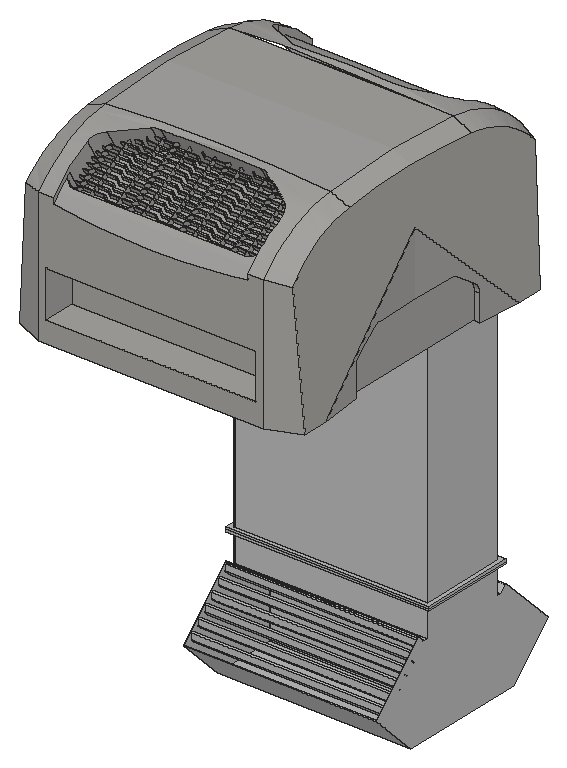
Revit family "OXeN X2-N-1.2-H podstropní_RFA2018", category Mechanical Equipment, host Face, Revit 2018
Family settings
  Host = Face
  Round Connector Dimension = Use Diameter
  Part Type = Normal
  Cut with Voids When Loaded = No
  Shared = No
  Room Calculation Point = No
Parameters (values of type "X2-N-1.2-H")
  Weight of unit = 70.20 kg
  URL = "www.hydronic.cz"
  Type Comments = "podstropní instalace; regulace vzduchového výkonu - spojitá 0-100%; filtr =EU4; IP42; vertikální neizotermický (dt=5K) dosah pro koncovou rychlost 0,2m/s =max.4,5m"
  Thickness of the ceiling [instance] = 370.00 mm
  Product data = ""
  Power supply = 230 V
  Power ratio = 0.98
  Max. current consumption = 1.9 A
  Material = FLOWAIR-EPP-Gray
  Manufacturer = "Hydroic.Systems Prague s.r.o."
  Load classification = Motor
  Keynote = ""
  Distance from the ceiling [instance] = 100.00 mm
  Description = "Bezkanálová větrací jednotka s rekuperací"
  Model = "OXeN X2-N-1.2-H"
  IP = "42"
  Default Elevation = 0.00 mm
  Author = ""
  Assembly Code = "30035; podstropní; bez dohřevu (Qmax=1200m3/h při 100% vzduchovém výkonu a dpext=0Pa) "
  Apparent power = Power supply * Max. current consumption  # 437 VA
  Air flow = 1200 m³/h
Reference planes
  plane 1 "Środek (Przód/Tył)": y = 0
  plane 2: z = 0
  plane 3 "Środek (Lewa/Prawa)": x = 0
  plane 4: z = -370
  plane 5: y = 1127.769
  plane 6: z = 100
  plane 7: z = 20
  plane 8: z = -980
Forms (mm)
  Extrusion 1, void
    sketch origin (0, 0, 0) x (0, 1, 0) y (0, 0, 1)
      loop
        line (1332.769, 0) -> (922.769, 0) -> (922.769, -370) -> (1332.769, -370) -> (1332.769, 0)
    from 422.5 to -422.5
Dimensions and locks
  "Thickness of the ceiling": level to plane 4
  "Distance from the ceiling": plane 6 to level
  locked: plane 6 to plane 7 at 80
  locked: plane 8 to plane 7 at 1000
  aligned and locked: plane 2 to host face
  aligned and locked: level to host face
  aligned and locked: Extrusion 1 sketch curve to level
  aligned and locked: plane 4 to Extrusion 1 sketch curve
  aligned and locked: plane 3 "Środek (Lewa/Prawa)" to nested 2
  aligned and locked: nested 2 to plane 5
  aligned and locked: nested 3 to plane 5
  aligned and locked: plane 3 "Środek (Lewa/Prawa)" to nested 3
  aligned and locked: plane 6 to nested 3
  aligned and locked: nested 2 to plane 7
  aligned and locked: nested 4 to plane 8
  aligned and locked: nested 4 to plane 5
  aligned and locked: plane 3 "Środek (Lewa/Prawa)" to nested 4
Automatic sketch dimensions
  host sketch curve to host sketch curve = 2438.40 mm
  host sketch curve to host sketch curve = 1900.00 mm
  Extrusion 1 sketch curve to plane 1 "Środek (Przód/Tył)" = 922.769 mm
  Extrusion 1 sketch curve to Extrusion 1 sketch curve = 410.00 mm
Nested families
  nested 1: "OXeN" at (0, 0, 100), built-in parameter 1001364 <- "Distance from the ceiling", type "OXeN"
  nested 2: "FLOWAIR OxE-H" at (0, 1127.769, -980), type "OxE-H"
  nested 3: "FLOWAIR OxC2-H" at (0, 1127.769, 20), type "OxC2-H"
  nested 4: "FLOWAIR OxS-H" at (0, 1127.769, -980), type "OxS-H"
Connectors
  electrical at (0, 684.634, 100), driven by "Power supply", driven by "Apparent power", driven by "Power ratio", driven by "Load classification"
    settings: on nested 1, index 8, voltage 230 V, apparent load 437 VA, apparent load phase1 0 VA, apparent load phase2 0 VA, apparent load phase3 0 VA, power factor 0.98, load classification "Motor", number of poles 1, system type 30, power factor state 1, is connector primary yes, connector utility no, sub classification motor no, connector description ""
  electrical at (545, 684.634, 241.254)
    settings: on nested 1, index 9, voltage 0 V, apparent load 0 VA, apparent load phase1 0 VA, apparent load phase2 0 VA, apparent load phase3 0 VA, power factor 1, load classification "Motor", number of poles 1, system type 13, power factor state 1, is connector primary no, connector utility no, sub classification motor no, connector description ""
Definition of nested family "OXeN"
  Parameters
    materiał = none
  Reference planes
    plane 1 "Środek (Przód/Tył)": y = 0
    plane 2: z = 0
    plane 3 "Środek (Lewa/Prawa)": x = 0
    plane 4: y = 684.634
    plane 5: through (0, 340, 716.901) normal (0, -0.5, 0.866)
  Forms (mm)
    Sweep 1, solid, material <- "materiał", detail levels fine
      path origin (0, 0, 0) x (0, 1, 0) y (0, 0, 1)
        loop
          line (1369.269, 0) -> (1369.269, 562.087)
          arc (1369.269, 562.087) -> (1205.496, 690.06) -> (1006.547, 750.205) r 565.368
          arc (1006.547, 750.205) -> (684.634, 767.72) -> (362.722, 750.205) r 2966.958
          arc (362.722, 750.205) -> (163.772, 690.06) -> (0, 562.087) r 565.368
          line (0, 562.087) -> (0, 0)
      profile origin (0, 1369.269, 281.043) x (0, -1, 0) y (1, 0, 0)
        loop
          line (20, -465) -> (159.403, -465) -> (159.403, 465) -> (20, 465)
          arc (20, 465) -> (0, 0) -> (20, -465) r 5415.625
    Sweep 2, solid, material <- "materiał", detail levels fine
      path origin (0, 0, 0) x (0, 1, 0) y (0, 0, 1)
        loop
          line (1369.269, 0) -> (1369.269, 514.96)
          arc (1369.269, 514.96) -> (1207.249, 655.027) -> (1003.292, 720.382) r 535.368
          arc (1003.292, 720.382) -> (684.634, 737.72) -> (365.977, 720.382) r 2936.958
          arc (365.977, 720.382) -> (162.02, 655.027) -> (0, 514.96) r 535.368
          line (0, 514.96) -> (0, 0)
      profile origin (0, 1369.269, 257.48) x (0, -1, 0) y (1, 0, 0)
        loop
          line (20, -465) -> (159.403, -465) -> (159.403, 465) -> (20, 465)
          arc (20, 465) -> (0, 0) -> (20, -465) r 5415.625
    Extrusion 3, void
      sketch origin (0, 0, 0) x (1, 0, 0) y (0, 1, 0)
        loop
          arc (207.827, 1029.269) -> (224.356, 1031.476) -> (239.726, 1037.942) r 63
          line (239.726, 1037.942) -> (367.198, 1112.79)
          arc (367.198, 1112.79) -> (392.866, 1138.741) -> (402.248, 1174.016) r 71
          line (402.248, 1174.016) -> (402.248, 1377.626) -> (-402.248, 1377.626) -> (-402.248, 1174.016)
          arc (-402.248, 1174.016) -> (-392.866, 1138.741) -> (-367.198, 1112.79) r 71
          line (-367.198, 1112.79) -> (-239.726, 1037.942)
          arc (-239.726, 1037.942) -> (-224.356, 1031.476) -> (-207.827, 1029.269) r 63
          line (-207.827, 1029.269) -> (207.827, 1029.269)
      from 490.327 to 774.857
    Extrusion 4, solid, material <- "materiał", detail levels fine
      sketch origin (0, 0, 0) x (0, 1, 0) y (0, 0, 1)
        loop
          arc (1209.866, 455.203) -> (1106.984, 527.552) -> (985.997, 561.92) r 375.966
          arc (985.997, 561.92) -> (684.634, 578.317) -> (383.272, 561.92) r 2777.556
          arc (383.272, 561.92) -> (262.285, 527.552) -> (159.403, 455.203) r 375.966
          line (159.403, 455.203) -> (159.403, 0) -> (1209.866, 0) -> (1209.866, 455.203)
      from -465 to 465
    Blend 5, solid, material <- "materiał", detail levels fine
      base sketch origin (0, 0, 0) x (0, 1, 0) y (0, 0, 1)
        loop
          arc (1004.377, 730.323) -> (684.634, 747.72) -> (364.892, 730.323) r 2946.958
          arc (364.892, 730.323) -> (176.315, 674.021) -> (20, 554.451) r 545.368
          line (20, 554.451) -> (20, 0) -> (1349.269, 0) -> (1349.269, 554.451)
          arc (1349.269, 554.451) -> (1192.954, 674.021) -> (1004.377, 730.323) r 545.368
      top sketch origin (0, 0, 0) x (0, 1, 0) y (0, 0, 1)
        loop
          line (1294.269, 0) -> (1294.269, 532.58)
          arc (1294.269, 532.58) -> (1158.681, 629.636) -> (998.409, 675.647) r 490.368
          arc (998.409, 675.647) -> (684.634, 692.72) -> (370.86, 675.647) r 2891.958
          arc (370.86, 675.647) -> (210.588, 629.636) -> (75, 532.58) r 490.368
          line (75, 532.58) -> (75, 0) -> (1294.269, 0)
      from 465 to 589
    Blend 6, solid, material <- "materiał", detail levels fine
      base sketch origin (0, 0, 0) x (0, 1, 0) y (0, 0, -1)
        loop
          arc (1004.377, -730.323) -> (1192.954, -674.021) -> (1349.269, -554.451) r 545.368
          line (1349.269, -554.451) -> (1349.269, 0) -> (20, 0) -> (20, -554.451)
          arc (20, -554.451) -> (176.315, -674.021) -> (364.892, -730.323) r 545.368
          arc (364.892, -730.323) -> (684.634, -747.72) -> (1004.377, -730.323) r 2946.958
      top sketch origin (0, 0, 0) x (0, 1, 0) y (0, 0, -1)
        loop
          line (1294.269, 0) -> (75, 0) -> (75, -532.58)
          arc (75, -532.58) -> (210.588, -629.636) -> (370.86, -675.647) r 490.368
          arc (370.86, -675.647) -> (684.634, -692.72) -> (998.409, -675.647) r 2891.958
          arc (998.409, -675.647) -> (1158.681, -629.636) -> (1294.269, -532.58) r 490.368
          line (1294.269, -532.58) -> (1294.269, 0)
      from 465 to 589
    Blend 7, solid, material <- "materiał", detail levels medium
      base sketch origin (0, 0, 0) x (0, 1, 0) y (0, 0, -1)
        loop
          arc (1004.377, -730.323) -> (1192.954, -674.021) -> (1349.269, -554.451) r 545.368
          line (1349.269, -554.451) -> (1349.269, 0) -> (20, 0) -> (20, -554.451)
          arc (20, -554.451) -> (176.315, -674.021) -> (364.892, -730.323) r 545.368
          arc (364.892, -730.323) -> (684.634, -747.72) -> (1004.377, -730.323) r 2946.958
      top sketch origin (0, 0, 0) x (0, 1, 0) y (0, 0, -1)
        loop
          line (1294.269, 0) -> (75, 0) -> (75, -532.58)
          arc (75, -532.58) -> (210.588, -629.636) -> (370.86, -675.647) r 490.368
          arc (370.86, -675.647) -> (684.634, -692.72) -> (998.409, -675.647) r 2891.958
          arc (998.409, -675.647) -> (1158.681, -629.636) -> (1294.269, -532.58) r 490.368
          line (1294.269, -532.58) -> (1294.269, 0)
      from 465 to 589
    Blend 8, solid, material <- "materiał", detail levels medium
      base sketch origin (0, 0, 0) x (0, 1, 0) y (0, 0, 1)
        loop
          arc (1004.377, 730.323) -> (684.634, 747.72) -> (364.892, 730.323) r 2946.958
          arc (364.892, 730.323) -> (176.315, 674.021) -> (20, 554.451) r 545.368
          line (20, 554.451) -> (20, 0) -> (1349.269, 0) -> (1349.269, 554.451)
          arc (1349.269, 554.451) -> (1192.954, 674.021) -> (1004.377, 730.323) r 545.368
      top sketch origin (0, 0, 0) x (0, 1, 0) y (0, 0, 1)
        loop
          line (1294.269, 0) -> (1294.269, 532.58)
          arc (1294.269, 532.58) -> (1158.681, 629.636) -> (998.409, 675.647) r 490.368
          arc (998.409, 675.647) -> (684.634, 692.72) -> (370.86, 675.647) r 2891.958
          arc (370.86, 675.647) -> (210.588, 629.636) -> (75, 532.58) r 490.368
          line (75, 532.58) -> (75, 0) -> (1294.269, 0)
      from 465 to 589
    Extrusion 9, void
      sketch origin (0, 0, 0) x (1, 0, 0) y (0, 0, 1)
        loop
          line (-589, 0) -> (-536.635, 775) -> (-589, 775) -> (-589, 0)
      from 0 to -1374.955
    Extrusion 10, void
      sketch origin (0, 0, 0) x (-1, 0, 0) y (0, 0, -1)
        loop
          line (-589, 0) -> (-589, -775) -> (-536.635, -775) -> (-589, 0)
      from 0 to -1374.955
    Extrusion 11, void
      sketch origin (0, 0, 0) x (1, 0, 0) y (0, 1, 0)
        loop
          arc (-589, 183.209) -> (-556, 684.634) -> (-589, 1186.059) r 3826
          line (-589, 1186.059) -> (-589, 183.209)
      from 0 to 801.676
    Extrusion 12, void
      sketch origin (0, 0, 0) x (-1, 0, 0) y (0, -1, 0)
        loop
          line (-589, -183.209) -> (-589, -1186.059)
          arc (-589, -1186.059) -> (-556, -684.634) -> (-589, -183.209) r 3826
      from 0 to 801.676
    Extrusion 13, void
      sketch origin (0, 0, 0) x (0, 1, 0) y (0, 0, 1)
        loop
          line (362.983, 0) -> (1006.285, 0) -> (1006.285, 108.958)
          arc (1006.285, 108.958) -> (999.442, 136.785) -> (980.474, 158.264) r 60
          line (980.474, 158.264) -> (899.838, 214.177)
          arc (899.838, 214.177) -> (883.561, 222.135) -> (865.65, 224.871) r 60
          line (865.65, 224.871) -> (503.619, 224.871)
          arc (503.619, 224.871) -> (485.708, 222.135) -> (469.43, 214.177) r 60
          line (469.43, 214.177) -> (388.795, 158.264)
          arc (388.795, 158.264) -> (369.826, 136.785) -> (362.983, 108.958) r 60
          line (362.983, 108.958) -> (362.983, 0)
      from -589 to -545
    Extrusion 14, void
      sketch origin (0, 0, 0) x (0, 1, 0) y (0, 0, -1)
        loop
          line (362.983, 0) -> (362.983, -108.958)
          arc (362.983, -108.958) -> (369.826, -136.785) -> (388.795, -158.264) r 60
          line (388.795, -158.264) -> (469.43, -214.177)
          arc (469.43, -214.177) -> (485.708, -222.135) -> (503.619, -224.871) r 60
          line (503.619, -224.871) -> (865.65, -224.871)
          arc (865.65, -224.871) -> (883.561, -222.135) -> (899.838, -214.177) r 60
          line (899.838, -214.177) -> (980.474, -158.264)
          arc (980.474, -158.264) -> (999.442, -136.785) -> (1006.285, -108.958) r 60
          line (1006.285, -108.958) -> (1006.285, 0) -> (362.983, 0)
      from -589 to -545
    Sweep 15, solid, material <- "materiał", detail levels medium
      path origin (0, 0, 0) x (0, 1, 0) y (0, 0, 1)
        loop
          line (1369.269, 0) -> (1369.269, 562.087)
          arc (1369.269, 562.087) -> (1205.496, 690.06) -> (1006.547, 750.205) r 565.368
          arc (1006.547, 750.205) -> (684.634, 767.72) -> (362.722, 750.205) r 2966.958
          arc (362.722, 750.205) -> (163.772, 690.06) -> (0, 562.087) r 565.368
          line (0, 562.087) -> (0, 0)
      profile origin (0, 1369.269, 281.043) x (0, -1, 0) y (1, 0, 0)
        loop
          line (20, -465) -> (264.634, -465) -> (264.634, 465) -> (20, 465)
          arc (20, 465) -> (0, 0) -> (20, -465) r 5415.625
    Extrusion 16, solid, material <- "materiał", detail levels medium
      sketch origin (0, 0, 0) x (0, 1, 0) y (0, 0, 1)
        loop
          arc (1104.634, 443.17) -> (1043.718, 472.315) -> (977.834, 487.132) r 300.734
          arc (977.834, 487.132) -> (684.634, 503.085) -> (391.435, 487.132) r 2702.324
          arc (391.435, 487.132) -> (325.551, 472.315) -> (264.634, 443.17) r 300.734
          line (264.634, 443.17) -> (264.634, 0) -> (1104.634, 0) -> (1104.634, 443.17)
      from -465 to 465
    Extrusion 17, solid, material <- "materiał", detail levels coarse
      sketch origin (0, 0, 0) x (0, 1, 0) y (0, 0, 1)
        loop
          line (1369.269, 0) -> (1369.269, 562.087)
          arc (1369.269, 562.087) -> (1205.496, 690.06) -> (1006.547, 750.205) r 565.368
          arc (1006.547, 750.205) -> (684.634, 767.72) -> (362.722, 750.205) r 2966.958
          arc (362.722, 750.205) -> (163.772, 690.06) -> (0, 562.087) r 565.368
          line (0, 562.087) -> (0, 0) -> (1369.269, 0)
      from -589 to 589
    Extrusion 18, void
      sketch origin (0, 0, 0) x (0, 1, 0) y (0, 0, 1)
        loop
          line (-35, 92) -> (150, 92) -> (150, 282) -> (-35, 282) -> (-35, 92)
      from -435 to 435
    Extrusion 19, solid, not visible
      sketch origin (0, 0, 0) x (1, 0, 0) y (0, 1, 0)
        loop
          circle (480, 189) r 8
      from 278 to 376
    Extrusion 20, solid, not visible
      sketch origin (0, 0, 0) x (1, 0, 0) y (0, 1, 0)
        loop
          circle (495, 239) r 8
      from 253 to 376
    Extrusion 21, void
      sketch origin (0, 340, 716.901) x (0, 0.866025, 0.5) y (-1, 0, 0)
        loop
          arc (0, 207.827) -> (-2.207, 224.356) -> (-8.673, 239.726) r 63
          line (-8.673, 239.726) -> (-83.521, 367.198)
          arc (-83.521, 367.198) -> (-109.472, 392.866) -> (-144.747, 402.248) r 71
          line (-144.747, 402.248) -> (-261.299, 402.248)
          arc (-261.299, 402.248) -> (-276.188, 399.025) -> (-288.411, 389.933) r 36
          line (-288.411, 389.933) -> (-300.148, 376.497)
          arc (-300.148, 376.497) -> (-305.31, 368.081) -> (-307.168, 358.385) r 27.506
          line (-307.168, 358.385) -> (-307.168, -358.385)
          arc (-307.168, -358.385) -> (-305.31, -368.081) -> (-300.148, -376.497) r 27.506
          line (-300.148, -376.497) -> (-288.411, -389.933)
          arc (-288.411, -389.933) -> (-276.188, -399.025) -> (-261.299, -402.248) r 36
          line (-261.299, -402.248) -> (-144.747, -402.248)
          arc (-144.747, -402.248) -> (-109.472, -392.866) -> (-83.521, -367.198) r 71
          line (-83.521, -367.198) -> (-8.673, -239.726)
          arc (-8.673, -239.726) -> (-2.207, -224.356) -> (0, -207.827) r 63
          line (0, -207.827) -> (0, 207.827)
      from -100 to 100
    Extrusion 22, solid, material <- "materiał", detail levels fine
      sketch origin (0, 340, 716.901) x (0, 0.866025, 0.5) y (-1, 0, 0)
        loop
          line (-236.262, -383.565) -> (-236.262, -402.248) -> (-233.262, -402.248) -> (-233.262, -384.96) -> (-218.262, -369.97) -> (-218.262, -324.043) -> (-196.262, -324.043) -> (-196.262, -368.757) -> (-211.262, -383.565) -> (-211.262, -402.248) -> (-208.262, -402.248) -> (-208.262, -384.96) -> (-193.262, -369.97) -> (-193.262, -324.043) -> (-171.262, -324.043) -> (-171.262, -368.757) -> (-186.262, -383.565) -> (-186.262, -402.248) -> (-183.262, -402.248) -> (-183.262, -384.96) -> (-168.262, -369.97) -> (-168.262, -324.043) -> (-146.262, -324.043) -> (-146.262, -368.757) -> (-161.262, -383.565) -> (-161.262, -402.248) -> (-158.262, -402.248) -> (-158.262, -384.96) -> (-143.262, -369.97) -> (-143.262, -324.043) -> (-121.262, -324.043) -> (-121.262, -368.757) -> (-136.262, -383.565) -> (-136.262, -401.74)
          arc (-136.262, -401.74) -> (-134.76, -401.542) -> (-133.262, -401.313) r 71
          line (-133.262, -401.313) -> (-133.262, -384.96) -> (-118.262, -369.97) -> (-118.262, -324.043) -> (-96.262, -324.043) -> (-96.262, -368.757) -> (-111.262, -383.565) -> (-111.262, -393.856)
          arc (-111.262, -393.856) -> (-109.752, -393.025) -> (-108.262, -392.157) r 71
          line (-108.262, -392.157) -> (-108.262, -384.96) -> (-93.262, -369.97) -> (-93.262, -324.043) -> (-71.262, -324.043) -> (-71.262, -346.32) -> (-68.262, -341.211) -> (-68.262, -324.043) -> (-58.182, -324.043) -> (-57.007, -322.043) -> (-68.262, -322.043) -> (-68.262, -276.117) -> (-83.262, -261.127) -> (-83.262, -217.918) -> (-61.262, -217.918) -> (-61.262, -262.522) -> (-46.262, -277.33) -> (-46.262, -303.743) -> (-43.262, -298.634) -> (-43.262, -276.117) -> (-58.262, -261.127) -> (-58.262, -217.918) -> (-36.262, -217.918) -> (-36.262, -262.522) -> (-27.27, -271.398) -> (-25.685, -268.699) -> (-33.262, -261.127) -> (-33.262, -217.918) -> (-11.262, -217.918) -> (-11.262, -244.135) -> (-8.262, -239.026) -> (-8.262, -217.918) -> (-0.814, -217.918)
          arc (-0.814, -217.918) -> (-0.561, -216.209) -> (-0.354, -214.493) r 63
          line (-0.354, -214.493) -> (-8.262, -214.493) -> (-8.262, -171.284) -> (0, -163.028) -> (0, -158.771) -> (-11.262, -169.889) -> (-11.262, -214.493) -> (-33.262, -214.493) -> (-33.262, -171.284) -> (-18.262, -156.294) -> (-18.262, -110.368) -> (0, -110.368) -> (0, -108.368) -> (-18.262, -108.368) -> (-18.262, -62.441) -> (-33.262, -47.451) -> (-33.262, -1.625) -> (-11.262, -1.625) -> (-11.262, -48.846) -> (0, -59.964) -> (0, -55.708) -> (-8.262, -47.451) -> (-8.262, -1.625) -> (0, -1.625) -> (0, 1.625) -> (-8.262, 1.625) -> (-8.262, 42.216) -> (0, 50.473) -> (0, 54.729) -> (-11.262, 43.612) -> (-11.262, 1.625) -> (-33.262, 1.625) -> (-33.262, 42.216) -> (-18.262, 57.206) -> (-18.262, 103.133) -> (0, 103.133) -> (0, 105.133) -> (-18.262, 105.133) -> (-18.262, 151.06) -> (-33.262, 166.05) -> (-33.262, 209.258) -> (-11.262, 209.258) -> (-11.262, 164.654) -> (0, 153.537) -> (0, 157.793) -> (-8.262, 166.05) -> (-8.262, 209.258) -> (-0.017, 209.258)
          arc (-0.017, 209.258) -> (-0.075, 210.884) -> (-0.175, 212.509) r 63
          line (-0.175, 212.509) -> (-8.262, 212.509) -> (-8.262, 239.026) -> (-11.262, 244.135) -> (-11.262, 212.509) -> (-33.262, 212.509) -> (-33.262, 255.717) -> (-23.683, 265.29) -> (-25.26, 267.974) -> (-36.262, 257.112) -> (-36.262, 212.509) -> (-58.262, 212.509) -> (-58.262, 255.717) -> (-43.262, 270.707) -> (-43.262, 298.634) -> (-46.262, 303.743) -> (-46.262, 271.92) -> (-61.262, 257.112) -> (-61.262, 212.509) -> (-83.262, 212.509) -> (-83.262, 255.717) -> (-68.262, 270.707) -> (-68.262, 316.634) -> (-53.831, 316.634) -> (-55.005, 318.634) -> (-68.262, 318.634) -> (-68.262, 341.211) -> (-71.262, 346.32) -> (-71.262, 318.634) -> (-93.262, 318.634) -> (-93.262, 364.56) -> (-108.262, 379.55) -> (-108.262, 392.157)
          arc (-108.262, 392.157) -> (-109.752, 393.025) -> (-111.262, 393.856) r 71
          line (-111.262, 393.856) -> (-111.262, 378.155) -> (-96.262, 363.348) -> (-96.262, 318.634) -> (-118.262, 318.634) -> (-118.262, 364.56) -> (-133.262, 379.55) -> (-133.262, 401.313)
          arc (-133.262, 401.313) -> (-134.76, 401.542) -> (-136.262, 401.74) r 71
          line (-136.262, 401.74) -> (-136.262, 378.155) -> (-121.262, 363.348) -> (-121.262, 318.634) -> (-143.262, 318.634) -> (-143.262, 364.56) -> (-158.262, 379.55) -> (-158.262, 402.248) -> (-161.262, 402.248) -> (-161.262, 378.155) -> (-146.262, 363.348) -> (-146.262, 318.634) -> (-168.262, 318.634) -> (-168.262, 364.56) -> (-183.262, 379.55) -> (-183.262, 402.248) -> (-186.262, 402.248) -> (-186.262, 378.155) -> (-171.262, 363.348) -> (-171.262, 318.634) -> (-193.262, 318.634) -> (-193.262, 364.56) -> (-208.262, 379.55) -> (-208.262, 402.248) -> (-211.262, 402.248) -> (-211.262, 378.155) -> (-196.262, 363.348) -> (-196.262, 318.634) -> (-218.262, 318.634) -> (-218.262, 364.56) -> (-233.262, 379.55) -> (-233.262, 402.248) -> (-236.262, 402.248) -> (-236.262, 378.155) -> (-221.262, 363.348) -> (-221.262, 318.634) -> (-243.262, 318.634) -> (-243.262, 364.56) -> (-258.262, 379.55) -> (-258.262, 402.248) -> (-261.262, 402.248) -> (-261.262, 378.155) -> (-246.262, 363.348) -> (-246.262, 318.634) -> (-268.262, 318.634) -> (-268.262, 364.56) -> (-283.262, 379.55) -> (-283.262, 394.772)
          arc (-283.262, 394.772) -> (-284.798, 393.521) -> (-286.262, 392.187) r 36
          line (-286.262, 392.187) -> (-286.262, 378.155) -> (-271.262, 363.348) -> (-271.262, 318.634) -> (-293.262, 318.634) -> (-293.262, 364.56) -> (-302.371, 373.663)
          arc (-302.371, 373.663) -> (-303.219, 372.343) -> (-303.99, 370.977) r 27.506
          line (-303.99, 370.977) -> (-296.262, 363.348) -> (-296.262, 318.634) -> (-307.168, 318.634) -> (-307.168, 316.634) -> (-296.262, 316.634) -> (-296.262, 271.92) -> (-307.168, 261.154) -> (-307.168, 256.811) -> (-293.262, 270.707) -> (-293.262, 316.634) -> (-271.262, 316.634) -> (-271.262, 271.92) -> (-286.262, 257.112) -> (-286.262, 212.509) -> (-307.168, 212.509) -> (-307.168, 209.258) -> (-286.262, 209.258) -> (-286.262, 164.654) -> (-271.262, 149.847) -> (-271.262, 105.133) -> (-293.262, 105.133) -> (-293.262, 151.06) -> (-307.168, 164.956) -> (-307.168, 160.613) -> (-296.262, 149.847) -> (-296.262, 105.133) -> (-307.168, 105.133) -> (-307.168, 103.133) -> (-296.262, 103.133) -> (-296.262, 58.419) -> (-307.168, 47.653) -> (-307.168, 43.31) -> (-293.262, 57.206) -> (-293.262, 103.133) -> (-271.262, 103.133) -> (-271.262, 58.419) -> (-286.262, 43.612) -> (-286.262, 1.625) -> (-307.168, 1.625) -> (-307.168, -1.625) -> (-286.262, -1.625) -> (-286.262, -48.846) -> (-271.262, -63.654) -> (-271.262, -108.368) -> (-293.262, -108.368) -> (-293.262, -62.441) -> (-307.168, -48.545) -> (-307.168, -52.888) -> (-296.262, -63.654) -> (-296.262, -108.368) -> (-307.168, -108.368) -> (-307.168, -110.368) -> (-296.262, -110.368) -> (-296.262, -155.082) -> (-307.168, -165.847) -> (-307.168, -170.191) -> (-293.262, -156.294) -> (-293.262, -110.368) -> (-271.262, -110.368) -> (-271.262, -155.082) -> (-286.262, -169.889) -> (-286.262, -214.493) -> (-307.168, -214.493) -> (-307.168, -217.918) -> (-286.262, -217.918) -> (-286.262, -262.522) -> (-271.262, -277.33) -> (-271.262, -322.043) -> (-293.262, -322.043) -> (-293.262, -276.117) -> (-307.168, -262.22) -> (-307.168, -266.564) -> (-296.262, -277.33) -> (-296.262, -322.043) -> (-307.168, -322.043) -> (-307.168, -324.043) -> (-296.262, -324.043) -> (-296.262, -368.757) -> (-301.903, -374.326)
          arc (-301.903, -374.326) -> (-300.974, -375.531) -> (-299.98, -376.683) r 27.506
          line (-299.98, -376.683) -> (-293.262, -369.97) -> (-293.262, -324.043) -> (-271.262, -324.043) -> (-271.262, -368.757) -> (-286.262, -383.565) -> (-286.262, -392.187)
          arc (-286.262, -392.187) -> (-284.798, -393.521) -> (-283.262, -394.772) r 36
          line (-283.262, -394.772) -> (-283.262, -384.96) -> (-268.262, -369.97) -> (-268.262, -324.043) -> (-246.262, -324.043) -> (-246.262, -368.757) -> (-261.262, -383.565) -> (-261.262, -402.248) -> (-258.262, -402.248) -> (-258.262, -384.96) -> (-243.262, -369.97) -> (-243.262, -324.043) -> (-221.262, -324.043) -> (-221.262, -368.757) -> (-236.262, -383.565)
        loop
          line (-221.262, -322.043) -> (-221.262, -277.33) -> (-236.262, -262.522) -> (-236.262, -217.918) -> (-258.262, -217.918) -> (-258.262, -261.127) -> (-243.262, -276.117) -> (-243.262, -322.043) -> (-221.262, -322.043)
        loop
          line (-233.262, -217.918) -> (-233.262, -261.127) -> (-218.262, -276.117) -> (-218.262, -322.043) -> (-196.262, -322.043) -> (-196.262, -277.33) -> (-211.262, -262.522) -> (-211.262, -217.918) -> (-233.262, -217.918)
        loop
          line (-236.262, -169.889) -> (-221.262, -155.082) -> (-221.262, -110.368) -> (-243.262, -110.368) -> (-243.262, -156.294) -> (-258.262, -171.284) -> (-258.262, -214.493) -> (-236.262, -214.493) -> (-236.262, -169.889)
        loop
          line (-218.262, -110.368) -> (-218.262, -156.294) -> (-233.262, -171.284) -> (-233.262, -214.493) -> (-211.262, -214.493) -> (-211.262, -169.889) -> (-196.262, -155.082) -> (-196.262, -110.368) -> (-218.262, -110.368)
        loop
          line (-221.262, -108.368) -> (-221.262, -63.654) -> (-236.262, -48.846) -> (-236.262, -1.625) -> (-258.262, -1.625) -> (-258.262, -47.451) -> (-243.262, -62.441) -> (-243.262, -108.368) -> (-221.262, -108.368)
        loop
          line (-233.262, -1.625) -> (-233.262, -47.451) -> (-218.262, -62.441) -> (-218.262, -108.368) -> (-196.262, -108.368) -> (-196.262, -63.654) -> (-211.262, -48.846) -> (-211.262, -1.625) -> (-233.262, -1.625)
        loop
          line (-236.262, 43.612) -> (-221.262, 58.419) -> (-221.262, 103.133) -> (-243.262, 103.133) -> (-243.262, 57.206) -> (-258.262, 42.216) -> (-258.262, 1.625) -> (-236.262, 1.625) -> (-236.262, 43.612)
        loop
          line (-218.262, 103.133) -> (-218.262, 57.206) -> (-233.262, 42.216) -> (-233.262, 1.625) -> (-211.262, 1.625) -> (-211.262, 43.612) -> (-196.262, 58.419) -> (-196.262, 103.133) -> (-218.262, 103.133)
        loop
          line (-221.262, 105.133) -> (-221.262, 149.847) -> (-236.262, 164.654) -> (-236.262, 209.258) -> (-258.262, 209.258) -> (-258.262, 166.05) -> (-243.262, 151.06) -> (-243.262, 105.133) -> (-221.262, 105.133)
        loop
          line (-233.262, 209.258) -> (-233.262, 166.05) -> (-218.262, 151.06) -> (-218.262, 105.133) -> (-196.262, 105.133) -> (-196.262, 149.847) -> (-211.262, 164.654) -> (-211.262, 209.258) -> (-233.262, 209.258)
        loop
          line (-236.262, 257.112) -> (-221.262, 271.92) -> (-221.262, 316.634) -> (-243.262, 316.634) -> (-243.262, 270.707) -> (-258.262, 255.717) -> (-258.262, 212.509) -> (-236.262, 212.509) -> (-236.262, 257.112)
        loop
          line (-218.262, 316.634) -> (-218.262, 270.707) -> (-233.262, 255.717) -> (-233.262, 212.509) -> (-211.262, 212.509) -> (-211.262, 257.112) -> (-196.262, 271.92) -> (-196.262, 316.634) -> (-218.262, 316.634)
        loop
          line (-246.262, -322.043) -> (-246.262, -277.33) -> (-261.262, -262.522) -> (-261.262, -217.918) -> (-283.262, -217.918) -> (-283.262, -261.127) -> (-268.262, -276.117) -> (-268.262, -322.043) -> (-246.262, -322.043)
        loop
          line (-261.262, -169.889) -> (-246.262, -155.082) -> (-246.262, -110.368) -> (-268.262, -110.368) -> (-268.262, -156.294) -> (-283.262, -171.284) -> (-283.262, -214.493) -> (-261.262, -214.493) -> (-261.262, -169.889)
        loop
          line (-246.262, -108.368) -> (-246.262, -63.654) -> (-261.262, -48.846) -> (-261.262, -1.625) -> (-283.262, -1.625) -> (-283.262, -47.451) -> (-268.262, -62.441) -> (-268.262, -108.368) -> (-246.262, -108.368)
        loop
          line (-261.262, 43.612) -> (-246.262, 58.419) -> (-246.262, 103.133) -> (-268.262, 103.133) -> (-268.262, 57.206) -> (-283.262, 42.216) -> (-283.262, 1.625) -> (-261.262, 1.625) -> (-261.262, 43.612)
        loop
          line (-246.262, 105.133) -> (-246.262, 149.847) -> (-261.262, 164.654) -> (-261.262, 209.258) -> (-283.262, 209.258) -> (-283.262, 166.05) -> (-268.262, 151.06) -> (-268.262, 105.133) -> (-246.262, 105.133)
        loop
          line (-261.262, 257.112) -> (-246.262, 271.92) -> (-246.262, 316.634) -> (-268.262, 316.634) -> (-268.262, 270.707) -> (-283.262, 255.717) -> (-283.262, 212.509) -> (-261.262, 212.509) -> (-261.262, 257.112)
        loop
          line (-208.262, -217.918) -> (-208.262, -261.127) -> (-193.262, -276.117) -> (-193.262, -322.043) -> (-171.262, -322.043) -> (-171.262, -277.33) -> (-186.262, -262.522) -> (-186.262, -217.918) -> (-208.262, -217.918)
        loop
          line (-193.262, -110.368) -> (-193.262, -156.294) -> (-208.262, -171.284) -> (-208.262, -214.493) -> (-186.262, -214.493) -> (-186.262, -169.889) -> (-171.262, -155.082) -> (-171.262, -110.368) -> (-193.262, -110.368)
        loop
          line (-208.262, -1.625) -> (-208.262, -47.451) -> (-193.262, -62.441) -> (-193.262, -108.368) -> (-171.262, -108.368) -> (-171.262, -63.654) -> (-186.262, -48.846) -> (-186.262, -1.625) -> (-208.262, -1.625)
        loop
          line (-193.262, 103.133) -> (-193.262, 57.206) -> (-208.262, 42.216) -> (-208.262, 1.625) -> (-186.262, 1.625) -> (-186.262, 43.612) -> (-171.262, 58.419) -> (-171.262, 103.133) -> (-193.262, 103.133)
        loop
          line (-208.262, 209.258) -> (-208.262, 166.05) -> (-193.262, 151.06) -> (-193.262, 105.133) -> (-171.262, 105.133) -> (-171.262, 149.847) -> (-186.262, 164.654) -> (-186.262, 209.258) -> (-208.262, 209.258)
        loop
          line (-193.262, 316.634) -> (-193.262, 270.707) -> (-208.262, 255.717) -> (-208.262, 212.509) -> (-186.262, 212.509) -> (-186.262, 257.112) -> (-171.262, 271.92) -> (-171.262, 316.634) -> (-193.262, 316.634)
        loop
          line (-183.262, -217.918) -> (-183.262, -261.127) -> (-168.262, -276.117) -> (-168.262, -322.043) -> (-146.262, -322.043) -> (-146.262, -277.33) -> (-161.262, -262.522) -> (-161.262, -217.918) -> (-183.262, -217.918)
        loop
          line (-168.262, -110.368) -> (-168.262, -156.294) -> (-183.262, -171.284) -> (-183.262, -214.493) -> (-161.262, -214.493) -> (-161.262, -169.889) -> (-146.262, -155.082) -> (-146.262, -110.368) -> (-168.262, -110.368)
        loop
          line (-183.262, -1.625) -> (-183.262, -47.451) -> (-168.262, -62.441) -> (-168.262, -108.368) -> (-146.262, -108.368) -> (-146.262, -63.654) -> (-161.262, -48.846) -> (-161.262, -1.625) -> (-183.262, -1.625)
        loop
          line (-168.262, 103.133) -> (-168.262, 57.206) -> (-183.262, 42.216) -> (-183.262, 1.625) -> (-161.262, 1.625) -> (-161.262, 43.612) -> (-146.262, 58.419) -> (-146.262, 103.133) -> (-168.262, 103.133)
        loop
          line (-183.262, 209.258) -> (-183.262, 166.05) -> (-168.262, 151.06) -> (-168.262, 105.133) -> (-146.262, 105.133) -> (-146.262, 149.847) -> (-161.262, 164.654) -> (-161.262, 209.258) -> (-183.262, 209.258)
        loop
          line (-168.262, 316.634) -> (-168.262, 270.707) -> (-183.262, 255.717) -> (-183.262, 212.509) -> (-161.262, 212.509) -> (-161.262, 257.112) -> (-146.262, 271.92) -> (-146.262, 316.634) -> (-168.262, 316.634)
        loop
          line (-158.262, -217.918) -> (-158.262, -261.127) -> (-143.262, -276.117) -> (-143.262, -322.043) -> (-121.262, -322.043) -> (-121.262, -277.33) -> (-136.262, -262.522) -> (-136.262, -217.918) -> (-158.262, -217.918)
        loop
          line (-143.262, -110.368) -> (-143.262, -156.294) -> (-158.262, -171.284) -> (-158.262, -214.493) -> (-136.262, -214.493) -> (-136.262, -169.889) -> (-121.262, -155.082) -> (-121.262, -110.368) -> (-143.262, -110.368)
        loop
          line (-158.262, -1.625) -> (-158.262, -47.451) -> (-143.262, -62.441) -> (-143.262, -108.368) -> (-121.262, -108.368) -> (-121.262, -63.654) -> (-136.262, -48.846) -> (-136.262, -1.625) -> (-158.262, -1.625)
        loop
          line (-143.262, 103.133) -> (-143.262, 57.206) -> (-158.262, 42.216) -> (-158.262, 1.625) -> (-136.262, 1.625) -> (-136.262, 43.612) -> (-121.262, 58.419) -> (-121.262, 103.133) -> (-143.262, 103.133)
        loop
          line (-158.262, 209.258) -> (-158.262, 166.05) -> (-143.262, 151.06) -> (-143.262, 105.133) -> (-121.262, 105.133) -> (-121.262, 149.847) -> (-136.262, 164.654) -> (-136.262, 209.258) -> (-158.262, 209.258)
        loop
          line (-143.262, 316.634) -> (-143.262, 270.707) -> (-158.262, 255.717) -> (-158.262, 212.509) -> (-136.262, 212.509) -> (-136.262, 257.112) -> (-121.262, 271.92) -> (-121.262, 316.634) -> (-143.262, 316.634)
        loop
          line (-133.262, -217.918) -> (-133.262, -261.127) -> (-118.262, -276.117) -> (-118.262, -322.043) -> (-96.262, -322.043) -> (-96.262, -277.33) -> (-111.262, -262.522) -> (-111.262, -217.918) -> (-133.262, -217.918)
        loop
          line (-118.262, -110.368) -> (-118.262, -156.294) -> (-133.262, -171.284) -> (-133.262, -214.493) -> (-111.262, -214.493) -> (-111.262, -169.889) -> (-96.262, -155.082) -> (-96.262, -110.368) -> (-118.262, -110.368)
        loop
          line (-133.262, -1.625) -> (-133.262, -47.451) -> (-118.262, -62.441) -> (-118.262, -108.368) -> (-96.262, -108.368) -> (-96.262, -63.654) -> (-111.262, -48.846) -> (-111.262, -1.625) -> (-133.262, -1.625)
        loop
          line (-118.262, 103.133) -> (-118.262, 57.206) -> (-133.262, 42.216) -> (-133.262, 1.625) -> (-111.262, 1.625) -> (-111.262, 43.612) -> (-96.262, 58.419) -> (-96.262, 103.133) -> (-118.262, 103.133)
        loop
          line (-133.262, 209.258) -> (-133.262, 166.05) -> (-118.262, 151.06) -> (-118.262, 105.133) -> (-96.262, 105.133) -> (-96.262, 149.847) -> (-111.262, 164.654) -> (-111.262, 209.258) -> (-133.262, 209.258)
        loop
          line (-118.262, 316.634) -> (-118.262, 270.707) -> (-133.262, 255.717) -> (-133.262, 212.509) -> (-111.262, 212.509) -> (-111.262, 257.112) -> (-96.262, 271.92) -> (-96.262, 316.634) -> (-118.262, 316.634)
        loop
          line (-108.262, -217.918) -> (-108.262, -261.127) -> (-93.262, -276.117) -> (-93.262, -322.043) -> (-71.262, -322.043) -> (-71.262, -277.33) -> (-86.262, -262.522) -> (-86.262, -217.918) -> (-108.262, -217.918)
        loop
          line (-93.262, -110.368) -> (-93.262, -156.294) -> (-108.262, -171.284) -> (-108.262, -214.493) -> (-86.262, -214.493) -> (-86.262, -169.889) -> (-71.262, -155.082) -> (-71.262, -110.368) -> (-93.262, -110.368)
        loop
          line (-108.262, -1.625) -> (-108.262, -47.451) -> (-93.262, -62.441) -> (-93.262, -108.368) -> (-71.262, -108.368) -> (-71.262, -63.654) -> (-86.262, -48.846) -> (-86.262, -1.625) -> (-108.262, -1.625)
        loop
          line (-93.262, 103.133) -> (-93.262, 57.206) -> (-108.262, 42.216) -> (-108.262, 1.625) -> (-86.262, 1.625) -> (-86.262, 43.612) -> (-71.262, 58.419) -> (-71.262, 103.133) -> (-93.262, 103.133)
        loop
          line (-108.262, 209.258) -> (-108.262, 166.05) -> (-93.262, 151.06) -> (-93.262, 105.133) -> (-71.262, 105.133) -> (-71.262, 149.847) -> (-86.262, 164.654) -> (-86.262, 209.258) -> (-108.262, 209.258)
        loop
          line (-93.262, 316.634) -> (-93.262, 270.707) -> (-108.262, 255.717) -> (-108.262, 212.509) -> (-86.262, 212.509) -> (-86.262, 257.112) -> (-71.262, 271.92) -> (-71.262, 316.634) -> (-93.262, 316.634)
        loop
          line (-68.262, -110.368) -> (-68.262, -156.294) -> (-83.262, -171.284) -> (-83.262, -214.493) -> (-61.262, -214.493) -> (-61.262, -169.889) -> (-46.262, -155.082) -> (-46.262, -110.368) -> (-68.262, -110.368)
        loop
          line (-83.262, -1.625) -> (-83.262, -47.451) -> (-68.262, -62.441) -> (-68.262, -108.368) -> (-46.262, -108.368) -> (-46.262, -63.654) -> (-61.262, -48.846) -> (-61.262, -1.625) -> (-83.262, -1.625)
        loop
          line (-68.262, 103.133) -> (-68.262, 57.206) -> (-83.262, 42.216) -> (-83.262, 1.625) -> (-61.262, 1.625) -> (-61.262, 43.612) -> (-46.262, 58.419) -> (-46.262, 103.133) -> (-68.262, 103.133)
        loop
          line (-83.262, 209.258) -> (-83.262, 166.05) -> (-68.262, 151.06) -> (-68.262, 105.133) -> (-46.262, 105.133) -> (-46.262, 149.847) -> (-61.262, 164.654) -> (-61.262, 209.258) -> (-83.262, 209.258)
        loop
          line (-43.262, -110.368) -> (-43.262, -156.294) -> (-58.262, -171.284) -> (-58.262, -214.493) -> (-36.262, -214.493) -> (-36.262, -169.889) -> (-21.262, -155.082) -> (-21.262, -110.368) -> (-43.262, -110.368)
        loop
          line (-58.262, -1.625) -> (-58.262, -47.451) -> (-43.262, -62.441) -> (-43.262, -108.368) -> (-21.262, -108.368) -> (-21.262, -63.654) -> (-36.262, -48.846) -> (-36.262, -1.625) -> (-58.262, -1.625)
        loop
          line (-43.262, 103.133) -> (-43.262, 57.206) -> (-58.262, 42.216) -> (-58.262, 1.625) -> (-36.262, 1.625) -> (-36.262, 43.612) -> (-21.262, 58.419) -> (-21.262, 103.133) -> (-43.262, 103.133)
        loop
          line (-58.262, 209.258) -> (-58.262, 166.05) -> (-43.262, 151.06) -> (-43.262, 105.133) -> (-21.262, 105.133) -> (-21.262, 149.847) -> (-36.262, 164.654) -> (-36.262, 209.258) -> (-58.262, 209.258)
      from -35 to -15
    Extrusion 23, void
      sketch origin (0, 0, 0) x (0, 1, 0) y (0, 0, 1)
        loop
          line (153.272, 650.008) -> (153.272, 795.382) -> (0, 795.382) -> (0, 514.96)
          arc (0, 514.96) -> (70.135, 589.862) -> (153.272, 650.008) r 535.368
      from -402.248 to 402.248
  Cuts and joins
    Extrusion 10, Extrusion 12, Extrusion 14 cuts Blend 7
    Extrusion 3, Extrusion 18, Extrusion 21, Extrusion 23 cuts Sweep 1
    Extrusion 18, Extrusion 21 cuts Sweep 2
    Extrusion 18, Extrusion 21 cuts Extrusion 4
    Extrusion 10, Extrusion 12, Extrusion 14, Extrusion 18, Extrusion 21 cuts Blend 5
    Extrusion 9, Extrusion 10, Extrusion 11, Extrusion 12, Extrusion 13, Extrusion 14, Extrusion 18, Extrusion 21 cuts Blend 6
    joined: Sweep 1, Sweep 2, Extrusion 4, Blend 5, Blend 6
    joined: Sweep 15, Extrusion 16
  Dimensions and locks
    aligned and locked: level to plane 2
Definition of nested family "FLOWAIR OxE-H"
  Parameters (values of type "OxE-H")
    Weight = 19.00 kg
    URL = "www.flowair.com"
    Material = none
    Manufacturer = "FLOWAIR"
    Height = 1000.00 mm  # constant formula
    Description = "Extension duct"
    Model = "OxE-H"
    Author = "www.archispace.com"
  Reference planes
    plane 1 "Środek (Przód/Tył)": y = 0
    plane 2: z = 0
    plane 3 "Środek (Lewa/Prawa)": x = 0
    plane 4: z = 1000
  Forms (mm)
    Extrusion 1, solid, material <- "Material", detail levels fine
      sketch origin (0, 0, 0) x (1, 0, 0) y (0, 1, 0)
        loop
          line (-400, -180) -> (400, -180) -> (400, 180) -> (-400, 180) -> (-400, -180)
        loop
          line (-398, -1) -> (-398, -178) -> (398, -178) -> (398, -1) -> (-398, -1)
        loop
          line (398, 178) -> (-398, 178) -> (-398, 1) -> (398, 1) -> (398, 178)
      from 0 to 1000
    Extrusion 2, solid, material <- "Material", detail levels coarse+medium
      sketch origin (0, 0, 0) x (1, 0, 0) y (0, 1, 0)
        loop
          line (420, 200) -> (-420, 200) -> (-420, -200) -> (420, -200) -> (420, 200)
      from 0 to 1000
    Extrusion 3, solid, material <- "Material", detail levels fine
      sketch origin (0, 0, 0) x (1, 0, 0) y (0, 1, 0)
        loop
          line (-420, -200) -> (420, -200) -> (420, 200) -> (-420, 200) -> (-420, -200)
        loop
          line (400, 180) -> (-400, 180) -> (-400, -180) -> (400, -180) -> (400, 180)
      from 0 to 8
    Extrusion 4, solid, material <- "Material", detail levels fine
      sketch origin (-916.715, -1524, 1000) x (-1, 0, 0) y (0, -1, 0)
        loop
          line (-496.715, -1324) -> (-1336.715, -1324) -> (-1336.715, -1724) -> (-496.715, -1724) -> (-496.715, -1324)
        loop
          line (-1316.715, -1704) -> (-516.715, -1704) -> (-516.715, -1344) -> (-1316.715, -1344) -> (-1316.715, -1704)
      from 0 to -8
  Cuts and joins
    joined: Extrusion 1, Extrusion 3, Extrusion 4
  Dimensions and locks
    "Height": plane 4 to level
    aligned and locked: level to plane 2
    aligned and locked: plane 4 to Extrusion 2
    aligned and locked: plane 4 to Extrusion 1
  Automatic sketch dimensions
    Extrusion 1 sketch curve to plane 1 "Środek (Przód/Tył)" = 180.00 mm
    Extrusion 1 sketch curve to plane 3 "Środek (Lewa/Prawa)" = 400.00 mm
    Extrusion 1 sketch curve to plane 1 "Środek (Przód/Tył)" = 1.00 mm
    Extrusion 1 sketch curve to Extrusion 1 sketch curve = 2.00 mm  (x4)
    plane 1 "Środek (Przód/Tył)" to Extrusion 1 sketch curve = 1.00 mm
    Extrusion 1 sketch curve to Extrusion 1 sketch curve = 0.00 mm  (x2)
    plane 3 "Środek (Lewa/Prawa)" to Extrusion 1 sketch curve = 398.00 mm
    Extrusion 1 sketch curve to Extrusion 1 sketch curve = 177.00 mm
    plane 1 "Środek (Przód/Tył)" to Extrusion 2 sketch curve = 200.00 mm
    Extrusion 2 sketch curve to plane 3 "Środek (Lewa/Prawa)" = 420.00 mm
    plane 3 "Środek (Lewa/Prawa)" to Extrusion 2 sketch curve = 420.00 mm
    Extrusion 2 sketch curve to plane 1 "Środek (Przód/Tył)" = 200.00 mm
    Extrusion 3 sketch curve to plane 1 "Środek (Przód/Tył)" = 200.00 mm
    Extrusion 3 sketch curve to plane 3 "Środek (Lewa/Prawa)" = 420.00 mm
    Extrusion 3 sketch curve to Extrusion 3 sketch curve = 20.00 mm  (x4)
    plane 1 "Środek (Przód/Tył)" to Extrusion 3 sketch curve = 180.00 mm
    plane 3 "Środek (Lewa/Prawa)" to Extrusion 3 sketch curve = 400.00 mm
    plane 1 "Środek (Przód/Tył)" to Extrusion 4 sketch curve = 200.00 mm
    plane 3 "Środek (Lewa/Prawa)" to Extrusion 4 sketch curve = 420.00 mm
    Extrusion 4 sketch curve to Extrusion 4 sketch curve = 20.00 mm  (x4)
    Extrusion 4 sketch curve to plane 1 "Środek (Przód/Tył)" = 180.00 mm
    Extrusion 4 sketch curve to plane 3 "Środek (Lewa/Prawa)" = 400.00 mm
Definition of nested family "FLOWAIR OxC2-H"
  Parameters (values of type "OxC2-H")
    Weight = 3.50 kg
    URL = "www.flowair.com"
    Material = none
    Manufacturer = "FLOWAIR"
    Height = 100.00 mm  # constant formula
    Description = "Adapter"
    Model = "OxC2-H"
    Author = "www.archispace.com"
  Reference planes
    plane 1 "Środek (Przód/Tył)": y = 0
    plane 2: z = 0
    plane 3 "Środek (Lewa/Prawa)": x = 0
    plane 4: z = 100
    plane 5: z = 80
  Forms (mm)
    Extrusion 1, solid, material <- "Material", detail levels fine
      sketch origin (0, 0, 0) x (1, 0, 0) y (0, 1, 0)
        loop
          line (-400, -180) -> (400, -180) -> (400, 180) -> (-400, 180) -> (-400, -180)
        loop
          line (-398, -1) -> (-398, -178) -> (398, -178) -> (398, -1) -> (-398, -1)
        loop
          line (398, 178) -> (-398, 178) -> (-398, 1) -> (398, 1) -> (398, 178)
      from 0 to 100
    Extrusion 2, solid, material <- "Material", detail levels coarse+medium
      sketch origin (0, 0, 0) x (1, 0, 0) y (0, 1, 0)
        loop
          line (420, 200) -> (-420, 200) -> (-420, -200) -> (420, -200) -> (420, 200)
      from 0 to 100
    Extrusion 3, solid, material <- "Material", detail levels fine
      sketch origin (0, 0, 0) x (1, 0, 0) y (0, 1, 0)
        loop
          line (-420, -200) -> (420, -200) -> (420, 200) -> (-420, 200) -> (-420, -200)
        loop
          line (400, 180) -> (-400, 180) -> (-400, -180) -> (400, -180) -> (400, 180)
      from 0 to 8
    Extrusion 4, solid, material <- "Material", detail levels fine
      sketch origin (-916.715, -1524, 100) x (-1, 0, 0) y (0, -1, 0)
        loop
          line (-506.715, -1331.5) -> (-1326.715, -1331.5) -> (-1326.715, -1716.5) -> (-506.715, -1716.5) -> (-506.715, -1331.5)
        loop
          line (-1316.715, -1704) -> (-516.715, -1704) -> (-516.715, -1344) -> (-1316.715, -1344) -> (-1316.715, -1704)
      from 0 to -8
  Cuts and joins
    joined: Extrusion 1, Extrusion 3, Extrusion 4
  Dimensions and locks
    "Height": plane 4 to level
    locked: plane 4 to plane 5 at 20
    aligned and locked: level to plane 2
    aligned and locked: plane 4 to Extrusion 2
    aligned and locked: plane 4 to Extrusion 1
  Automatic sketch dimensions
    Extrusion 1 sketch curve to plane 1 "Środek (Przód/Tył)" = 180.00 mm
    Extrusion 1 sketch curve to plane 3 "Środek (Lewa/Prawa)" = 400.00 mm
    Extrusion 1 sketch curve to plane 1 "Środek (Przód/Tył)" = 1.00 mm
    Extrusion 1 sketch curve to Extrusion 1 sketch curve = 2.00 mm  (x4)
    plane 1 "Środek (Przód/Tył)" to Extrusion 1 sketch curve = 1.00 mm
    Extrusion 1 sketch curve to Extrusion 1 sketch curve = 0.00 mm  (x2)
    plane 3 "Środek (Lewa/Prawa)" to Extrusion 1 sketch curve = 398.00 mm
    Extrusion 1 sketch curve to Extrusion 1 sketch curve = 177.00 mm
    plane 1 "Środek (Przód/Tył)" to Extrusion 2 sketch curve = 200.00 mm
    Extrusion 2 sketch curve to plane 3 "Środek (Lewa/Prawa)" = 420.00 mm
    plane 3 "Środek (Lewa/Prawa)" to Extrusion 2 sketch curve = 420.00 mm
    Extrusion 2 sketch curve to plane 1 "Środek (Przód/Tył)" = 200.00 mm
    Extrusion 3 sketch curve to plane 1 "Środek (Przód/Tył)" = 200.00 mm
    Extrusion 3 sketch curve to plane 3 "Środek (Lewa/Prawa)" = 420.00 mm
    Extrusion 3 sketch curve to Extrusion 3 sketch curve = 20.00 mm  (x4)
    plane 1 "Środek (Przód/Tył)" to Extrusion 3 sketch curve = 180.00 mm
    plane 3 "Środek (Lewa/Prawa)" to Extrusion 3 sketch curve = 400.00 mm
    plane 1 "Środek (Przód/Tył)" to Extrusion 4 sketch curve = 192.50 mm
    plane 3 "Środek (Lewa/Prawa)" to Extrusion 4 sketch curve = 410.00 mm
    Extrusion 4 sketch curve to Extrusion 4 sketch curve = 10.00 mm  (x2)
    Extrusion 4 sketch curve to plane 1 "Środek (Przód/Tył)" = 180.00 mm
    Extrusion 4 sketch curve to plane 3 "Środek (Lewa/Prawa)" = 400.00 mm
    Extrusion 4 sketch curve to Extrusion 4 sketch curve = 12.50 mm  (x2)
Definition of nested family "FLOWAIR OxS-H"
  Parameters (values of type "OxS-H")
    Weight = 14.80 kg
    URL = "www.flowair.com"
    Material = none
    Manufacturer = "FLOWAIR"
    Description = "Roof-mounted air inlet/outlet"
    Model = "OxS-H"
    Author = "www.archispace.com"
  Reference planes
    plane 1 "Środek (Przód/Tył)": y = 0
    plane 2: z = 0
    plane 3 "Środek (Lewa/Prawa)": x = 0
  Forms (mm)
    Extrusion 1, solid, material <- "Material", detail levels fine
      sketch origin (0, 0, 0) x (1, 0, 0) y (0, 1, 0)
        loop
          line (-420, -200) -> (420, -200) -> (420, 200) -> (-420, 200) -> (-420, -200)
        loop
          line (400, 180) -> (-400, 180) -> (-400, -180) -> (400, -180) -> (400, 180)
      from 0 to -8
    Extrusion 2, solid, material <- "Material", detail levels fine
      sketch origin (0, 0, 0) x (0, 1, 0) y (0, 0, 1)
        loop
          line (-265, -495.817) -> (265, -495.817) -> (441.777, -319.04) -> (223.988, -101.251) -> (199.239, -126) -> (180, -126) -> (180, 0) -> (-180, 0) -> (-180, -126) -> (-199.239, -126) -> (-223.988, -101.251) -> (-441.777, -319.04) -> (-265, -495.817)
      from -400 to 400
    Extrusion 3, void, detail levels fine
      sketch origin (0, 0, 0) x (0, 1, 0) y (0, 0, 1)
        loop
          line (178, -128) -> (178, 0) -> (1, 0) -> (1, -493.817) -> (264.172, -493.817) -> (440.362, -317.626) -> (225.402, -102.665) -> (200.067, -128) -> (178, -128)
        loop
          line (-178, 0) -> (-178, -128) -> (-200.067, -128) -> (-225.402, -102.665) -> (-440.362, -317.626) -> (-264.172, -493.817) -> (-1, -493.817) -> (-1, 0) -> (-178, 0)
      from -398 to 398
    Extrusion 4, solid, material <- "Material", detail levels fine
      sketch origin (0, 0, 0) x (0, 1, 0) y (0, 0, 1)
        loop
          line (229.786, -108.181) -> (229.786, -133.918) -> (215.03, -148.675) -> (215.595, -149.24) -> (230.586, -134.25) -> (230.586, -107.85) -> (225.402, -102.665) -> (224.836, -103.231) -> (229.786, -108.181)
        loop
          line (406.421, -284.816) -> (406.421, -310.553) -> (391.572, -325.403) -> (392.138, -325.968) -> (407.221, -310.885) -> (407.221, -284.485) -> (402.037, -279.301) -> (401.472, -279.866) -> (406.421, -284.816)
        loop
          line (371.207, -249.602) -> (371.207, -275.34) -> (356.451, -290.096) -> (357.017, -290.662) -> (372.007, -275.671) -> (372.007, -249.271) -> (366.823, -244.087) -> (366.258, -244.653) -> (371.207, -249.602)
        loop
          line (300.497, -178.892) -> (300.497, -204.629) -> (285.74, -219.385) -> (286.306, -219.951) -> (301.297, -204.96) -> (301.297, -178.56) -> (296.113, -173.376) -> (295.547, -173.942) -> (300.497, -178.892)
        loop
          line (265.141, -143.536) -> (265.141, -169.274) -> (250.385, -184.03) -> (250.951, -184.596) -> (265.941, -169.605) -> (265.941, -143.205) -> (260.757, -138.021) -> (260.192, -138.587) -> (265.141, -143.536)
        loop
          line (335.852, -214.247) -> (335.852, -239.984) -> (321.096, -254.741) -> (321.661, -255.306) -> (336.652, -240.316) -> (336.652, -213.916) -> (331.468, -208.731) -> (330.902, -209.297) -> (335.852, -214.247)
        loop
          line (-229.786, -108.181) -> (-224.836, -103.231) -> (-225.402, -102.665) -> (-230.586, -107.85) -> (-230.586, -134.25) -> (-215.595, -149.24) -> (-215.03, -148.675) -> (-229.786, -133.918) -> (-229.786, -108.181)
        loop
          line (-406.421, -284.816) -> (-401.472, -279.866) -> (-402.037, -279.301) -> (-407.221, -284.485) -> (-407.221, -310.885) -> (-392.138, -325.968) -> (-391.572, -325.403) -> (-406.421, -310.553) -> (-406.421, -284.816)
        loop
          line (-371.207, -249.602) -> (-366.258, -244.653) -> (-366.823, -244.087) -> (-372.007, -249.271) -> (-372.007, -275.671) -> (-357.017, -290.662) -> (-356.451, -290.096) -> (-371.207, -275.34) -> (-371.207, -249.602)
        loop
          line (-300.497, -178.892) -> (-295.547, -173.942) -> (-296.113, -173.376) -> (-301.297, -178.56) -> (-301.297, -204.96) -> (-286.306, -219.951) -> (-285.74, -219.385) -> (-300.497, -204.629) -> (-300.497, -178.892)
        loop
          line (-265.141, -143.536) -> (-260.192, -138.587) -> (-260.757, -138.021) -> (-265.941, -143.205) -> (-265.941, -169.605) -> (-250.951, -184.596) -> (-250.385, -184.03) -> (-265.141, -169.274) -> (-265.141, -143.536)
        loop
          line (-335.852, -214.247) -> (-330.902, -209.297) -> (-331.468, -208.731) -> (-336.652, -213.916) -> (-336.652, -240.316) -> (-321.661, -255.306) -> (-321.096, -254.741) -> (-335.852, -239.984) -> (-335.852, -214.247)
      from -398 to 398
    Extrusion 5, solid, material <- "Material", detail levels coarse+medium
      sketch origin (0, 0, 0) x (0, 1, 0) y (0, 0, 1)
        loop
          line (200, 0) -> (-200, 0) -> (-200, -101.251) -> (-223.988, -101.251) -> (-441.777, -319.04) -> (-265, -495.817) -> (265, -495.817) -> (441.777, -319.04) -> (223.988, -101.251) -> (200, -101.251) -> (200, 0)
      from -400 to 400
  Cuts and joins
    Extrusion 3 cuts Extrusion 2
    joined: Extrusion 1, Extrusion 2
  Dimensions and locks
    aligned and locked: level to plane 2
